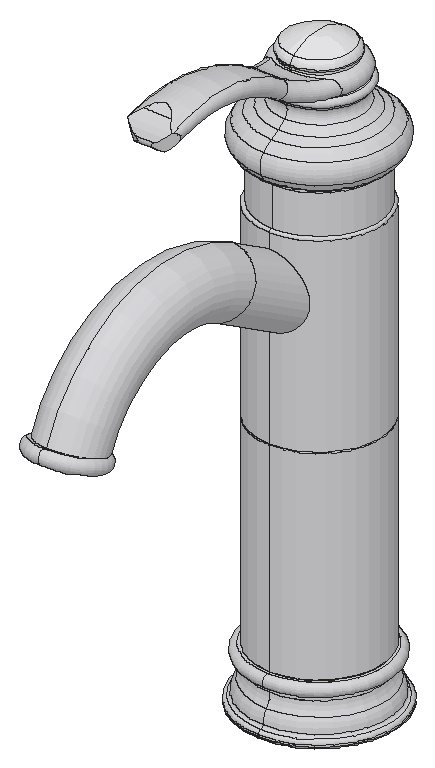
Revit family "Faucet-Lavatory-KOHLER-FAIRFAX-K-12183IN_1", category Plumbing Fixtures, host Face, Revit 2017
Family settings
  Host = Face
  Round Connector Dimension = Use Diameter
  Part Type = Normal
  OmniClass Number = 23.31.11.00
  OmniClass Title = Faucets
  Cut with Voids When Loaded = No
  Shared = No
  Room Calculation Point = No
Parameters (values of type "CP-Polished Chrome")
  Width = 2.51969"  # constant formula
  WaterSense Certified = 1 = 0  # no
  Waste Water Outlet = "Waste Water Outlet"  # constant formula
  Waste Connection = 1 = 0  # no
  Vent Connection = 1 = 0  # no
  URL = "https://www.kohler.co.in/"
  Type = 1
  Spout Reach = 5"  # constant formula
  Product Page URL = "https://www.kohler.co.in/product-detail/12183in-nd?skuid=K-12183IN-ND-CP"
  Product Name = "FAIRFAX"  # constant formula
  Product Documentation Link = "http://resources.kohler.com/plumbing/kohlerindia/pdf/k_12183in_nd_cp.pdf"
  Pressure = 60.00 psi  # constant formula
  Model = "K-12183IN-ND-CP"  # constant formula
  Material = "Premium Metal Construction"  # constant formula
  Master Format 2014 Name = "Residential Faucets, Supplies, and Trim"  # constant formula
  Master Format 2014 = "22 41 39"  # constant formula
  Manufacturer Address = "Ambience Office Tower NH-8 Gurgaon / Gurugram Haryana , 122001"  # constant formula
  Manufacturer = "KOHLER Co."  # constant formula
  Length = Spout Reach  # 5"
  Hot Water Inlet = "Hot Water Inlet"  # constant formula
  Height = 9.92126"  # constant formula
  Handle Clearance = 3.46457"  # constant formula
  HW Connection = 1 = 1  # yes
  Flow Rate = 2.2 GPM  # constant formula
  Finish = Kohler-Metal-CP-Polished_Chrome
  Environmental Product Declaration = ""
  Drain Included = 1 = 0  # no
  Description = "Tall Single-Control Lavatory Faucet With Lever Handle and Without Drain"  # constant formula
  Default Elevation = 36"
  Declare Label = ""
  Date Modified = "02/25/2021"  # constant formula
  Date Created = "02/25/2021"  # constant formula
  Copyright = "Copyright KOHLER Co."  # constant formula
  Contact Us = "https://www.kohler.co.in/contact-us"
  Cold Water Inlet = "Cold Water Inlet"  # constant formula
  CW Connection = 1 = 1  # yes
  Assembly Code = "D2010"
  ADA Compliant = 1 = 0  # no
Reference planes (in)
  plane 1 "Center (Front/Back)": y = 0
  plane 2: z = 0
  plane 3 "Center (Left/Right)": x = 0
  plane 4: z = 9.92126
  plane 5: y = -5
  plane 6: z = 5.51181
  plane 7: z = 7.75591
  plane 8: z = 9.05214
  plane 9: y = -3.46457
  plane 10: y = 0
  plane 11: x = -1.25984
  plane 12: x = 1.25984
  plane 13: y = 1.23011
  plane 14: y = -1.23011
  plane 15: x = -0.32715
  plane 16: x = 0.32715
Dimensions and locks (in)
  locked: level to plane 6 at 5.51181
  "Height": level to plane 4
  locked: plane 7 to level at 7.75591
  "Spout Reach": plane 1 "Center (Front/Back)" to plane 5
  "Handle Clearance": plane 1 "Center (Front/Back)" to plane 9
  "Width": plane 11 to plane 12
  aligned and locked: plane 2 to host face
  aligned and locked: level to host face
Automatic sketch dimensions
  host sketch curve to host sketch curve = 96"  (x2)
Nested families (in)
  nested 1: "K-12183IN" at (0, 0, 0), type "K-12183IN"
Connectors (in)
  piping at (-0.32715, 0, 0), diameter 0.5, driven by "Flow Rate", driven by "HW Connection", driven by "Hot Water Inlet", driven by "Pressure"
    settings: on nested 1, index 1, connector inside diameter 24", connector length 0", flow factor 0, pipe flow 2.2 GPM, pressure drop 60.00 psi, fitting loss kfactor 0, connector angle 0.00°, fixture units 0, engagement length 0", angle of deflection 0.00°, flow configuration 1, flow direction 1, fitting loss method 4, system type 19, joint type 0, gender type 0, connector reference index -1, connector utility 1, adjustable connector no, is connector primary yes, connector description "Hot Water Inlet"
  piping at (0.32715, 0, 0), diameter 0.5, driven by "Flow Rate", driven by "Pressure", driven by "CW Connection", driven by "Cold Water Inlet"
    settings: on nested 1, index 2, connector inside diameter 24", connector length 0", flow factor 0, pipe flow 2.2 GPM, pressure drop 60.00 psi, fitting loss kfactor 0, connector angle 0.00°, fixture units 0, engagement length 0", angle of deflection 0.00°, flow configuration 1, flow direction 1, fitting loss method 4, system type 20, joint type 0, gender type 0, connector reference index -1, connector utility 1, adjustable connector no, is connector primary no, connector description "Cold Water Inlet"
Definition of nested family "K-12183IN"
  Parameters (values of type "K-12183IN")
    Material = none
  Reference planes (in)
    plane 1 "Center (Front/Back)": y = 0
    plane 2: z = 0
    plane 3 "Center (Left/Right)": x = 0
    plane 4: z = 9.92126
    plane 5: y = -5
    plane 6: z = 5.51181
    plane 7: x = -1.25984
    plane 8: z = 9.06278
    plane 9: z = 7.75591
    plane 10: x = 1.25984
    plane 11: x = -0.32715
    plane 12: x = 0.32715
  Forms (in)
    Revolve 1, solid, material <- "Material", detail levels medium+fine
      sketch origin (0, 0, 0) x (0, 1, 0) y (0, 0, 1)
        loop
          line (0, 0) -> (1.20122, 0)
          arc (1.20122, 0) -> (1.21996, 0.00674) -> (1.23011, 0.02388) r 0.02943
          line (1.23011, 0.02388) -> (1.23011, 0.05467)
          arc (1.23011, 0.05467) -> (1.21356, 0.0949) -> (1.17348, 0.11183) r 0.05717
          arc (1.17348, 0.11183) -> (1.14297, 0.12463) -> (1.13013, 0.15512) r 0.04376
          arc (1.13013, 0.15512) -> (1.11238, 0.26767) -> (1.06304, 0.37037) r 0.39235
          arc (1.06304, 0.37037) -> (1.01614, 0.46867) -> (1.00004, 0.57639) r 0.36834
          line (1.00004, 0.57639) -> (1.00004, 0.67) -> (1.0459, 0.67)
          arc (1.0459, 0.67) -> (1.1459, 0.77) -> (1.0459, 0.87) r 0.1
          line (1.0459, 0.87) -> (0, 0.87) -> (0, 0)
        axis (0, 0.87) -> (0, 0)
      angle from 0 to 360
    Revolve 2, solid, material <- "Material", detail levels medium+fine
      sketch origin (0, 0, 0) x (0, 1, 0) y (0, 0, 1)
        loop
          line (1.00002, 0.87999) -> (1.00002, 4.18018)
          arc (1.00002, 4.18018) -> (0.99421, 4.19419) -> (0.98019, 4.2) r 0.01982
          line (0.98019, 4.2) -> (0, 4.2) -> (0, 0.85438) -> (0.9744, 0.85438) -> (1.00002, 0.87999)
        axis (0, 0.85438) -> (0, 4.2)
      angle from 0 to 360
    Revolve 3, solid, material <- "Material", detail levels medium+fine
      sketch origin (0, 0, 0) x (0, 1, 0) y (0, 0, 1)
        loop
          line (1, 4.2) -> (1, 7.27521)
          arc (1, 7.27521) -> (0.98407, 7.3074) -> (0.94882, 7.31426) r 0.04049
          line (0.94882, 7.31426) -> (0.94882, 7.94736)
          arc (0.94882, 7.94736) -> (0.94711, 8.00086) -> (0.942, 8.05414) r 0.83903
          line (0.942, 8.05414) -> (1.06925, 8.05414)
          arc (1.06925, 8.05414) -> (1.08417, 8.05774) -> (1.09583, 8.06773) r 0.03281
          arc (1.09583, 8.06773) -> (1.13173, 8.12159) -> (1.1634, 8.17803) r 0.8466
          arc (1.1634, 8.17803) -> (1.19209, 8.3403) -> (1.12467, 8.49066) r 0.28043
          arc (1.12467, 8.49066) -> (1.05074, 8.56151) -> (0.96566, 8.61848) r 0.58918
          arc (0.96566, 8.61848) -> (0.89547, 8.65769) -> (0.82577, 8.69778) r 6.37844
          arc (0.82577, 8.69778) -> (0.75693, 8.74326) -> (0.69353, 8.79606) r 0.74485
          arc (0.69353, 8.79606) -> (0.645, 8.90276) -> (0.6864, 9.01242) r 0.15269
          arc (0.6864, 9.01242) -> (0.7099, 9.03753) -> (0.73326, 9.06278) r 6.15257
          arc (0.73326, 9.06278) -> (0.74456, 9.13062) -> (0.68698, 9.16824) r 0.06288
          line (0.68698, 9.16824) -> (0.64998, 9.16824)
          arc (0.64998, 9.16824) -> (0.70133, 9.34336) -> (0.55512, 9.45257) r 0.15991
          line (0.55512, 9.45257) -> (0.55512, 9.50404) -> (0, 9.50404) -> (0, 4.2) -> (1, 4.2)
        axis (0, 9.50404) -> (0, 4.2)
      angle from 0 to 360
    Revolve 4, solid, detail levels medium+fine
      sketch origin (0, 0, 0) x (0, 1, 0) y (0, 0, 1)
        loop
          arc (0.55438, 9.49713) -> (0.56968, 9.50379) -> (0.57523, 9.51952) r 0.0209
          arc (0.57523, 9.51952) -> (0.55697, 9.58632) -> (0.51467, 9.64115) r 0.1786
          arc (0.51467, 9.64115) -> (0.26958, 9.75986) -> (0, 9.7985) r 0.88583
          line (0, 9.7985) -> (0, 9.49713) -> (0.55438, 9.49713)
        axis (0, 9.7985) -> (0, 9.49713)
      angle from 0 to 360
    Sweep 5, solid, material <- "Material", detail levels medium+fine
      path origin (0, 0, 0) x (0, 1, 0) y (0, 0, 1)
        loop
          arc (-5.53743, 6.11095) -> (-3.93832, 7.63189) -> (-1.73927, 7.44598) r 2.69199
          line (-1.73927, 7.44598) -> (-0.23786, 6.61267)
      profile origin (0, -0.98857, 7.02932) x (0, 0.485282, 0.874357) y (1, 0, 0)
        loop
          circle (-0.51981, 0) r 0.52004
    Revolve 6, solid, material <- "Material", detail levels medium+fine
      sketch origin (0, 0, 0) x (0, 1, 0) y (0, 0, 1)
        loop
          arc (-4.70475, 5.5744) -> (-4.55768, 5.62078) -> (-4.56423, 5.77485) r 0.12676
          line (-4.56423, 5.77485) -> (-5.08329, 5.96339) -> (-5.16399, 5.74121) -> (-4.70475, 5.5744)
        axis (-5.08329, 5.96339) -> (-5.16399, 5.74121)
      angle from 0 to 360
    SweptBlend 7, solid, material <- "Material", detail levels medium+fine
      path origin (0, -0.0714, 3.42587) x (0, 1, 0) y (0, 0, 1)
        loop
          arc (-0.25378, 5.8753) -> (-0.66007, 5.93428) -> (-1.03699, 6.09699) r 1.56344
      profile origin (0, -0.32519, 9.30118) x (0, -0.012488, -0.999922) y (1, 0, 0)
        loop
          line (-0.1246, 0.48714) -> (-0.1246, -0.45728)
          arc (-0.1246, -0.45728) -> (0.0154, -0.59728) -> (0.1554, -0.45728) r 0.14
          line (0.1554, -0.45728) -> (0.1554, 0.50342)
          arc (0.1554, 0.50342) -> (0.00772, 0.62738) -> (-0.1246, 0.48714) r 0.14048
      end profile origin (0, -1.10839, 9.52286) x (0, -0.513438, -0.858127) y (1, 0, 0)
        loop
          spline (-0.10927, -0.2439) -> (-0.10492, -0.27759) -> (-0.09226, -0.30911) -> (-0.07206, -0.33639) -> (-0.04562, -0.35768) -> (-0.01467, -0.37158) -> (0.01879, -0.37719) -> (0.05257, -0.37416) -> (0.0845, -0.36267) -> (0.11248, -0.34347) -> (0.13471, -0.31781) -> (0.14974, -0.28736) -> (0.15659, -0.25409)
          line (0.15659, -0.25409) -> (0.15659, 0.24462)
          spline (0.15659, 0.24462) -> (0.14966, 0.27783) -> (0.13459, 0.30822) -> (0.11234, 0.33381) -> (0.08436, 0.35295) -> (0.05246, 0.36439) -> (0.0187, 0.3674) -> (-0.01471, 0.36177) -> (-0.04563, 0.34788) -> (-0.07204, 0.32663) -> (-0.09224, 0.29938) -> (-0.10491, 0.26791) -> (-0.10927, 0.23426)
          line (-0.10927, 0.23426) -> (-0.10927, -0.2439)
    SweptBlend 8, solid, material <- "Material", detail levels medium+fine
      path origin (0, -0.0714, 3.42587) x (0, 1, 0) y (0, 0, 1)
        loop
          arc (-1.04105, 6.06595) -> (-2.25296, 6.49565) -> (-3.52287, 6.29384) r 2.6072
      profile origin (0, -1.11245, 9.49182) x (0, -0.556277, -0.830997) y (1, 0, 0)
        loop
          spline (-0.13818, -0.2439) -> (-0.13386, -0.27757) -> (-0.12121, -0.30907) -> (-0.10103, -0.33635) -> (-0.07463, -0.35765) -> (-0.04372, -0.37159) -> (-0.0103, -0.37728) -> (0.02348, -0.37434) -> (0.05542, -0.36297) -> (0.08347, -0.3439) -> (0.1058, -0.31836) -> (0.12098, -0.288) -> (0.12802, -0.25479)
          line (0.12802, -0.25479) -> (0.12802, 0.24511)
          arc (0.12802, 0.24511) -> (-0.01028, 0.36747) -> (-0.13818, 0.23426) r 0.13332
          line (-0.13818, 0.23426) -> (-0.13818, -0.2439)
      end profile origin (0, -3.59427, 9.71972) x (0, 0.395634, -0.918408) y (1, 0, 0)
        loop
          arc (-0.10529, -0.37915) -> (-0.01923, -0.42355) -> (0.06879, -0.38321) r 0.11061
          arc (0.06879, -0.38321) -> (0.20722, -0.00429) -> (0.07054, 0.37525) r 0.59155
          arc (0.07054, 0.37525) -> (-0.01919, 0.41661) -> (-0.10689, 0.37112) r 0.11236
          arc (-0.10689, 0.37112) -> (-0.23025, -0.00428) -> (-0.10529, -0.37915) r 0.6288
    Extrusion 9, void, detail levels medium+fine
      sketch origin (0, -1.5714, 10.22877) x (0, 0.970296, 0.241922) y (-1, 0, 0)
        loop
          arc (-1.57293, 0.47581) -> (-1.43632, 0.54307) -> (-1.40636, 0.69236) r 0.17233
          line (-1.40636, 0.69236) -> (-2.59371, 0.69236) -> (-2.59371, -0.65417) -> (-1.38473, -0.65417)
          arc (-1.38473, -0.65417) -> (-1.43985, -0.52109) -> (-1.57293, -0.46597) r 0.18819
          arc (-1.57293, -0.46597) -> (-2.04382, 0.00492) -> (-1.57293, 0.47581) r 0.47089
      from -0.3101 to 0.40286
    Extrusion 10, void, detail levels medium+fine
      sketch origin (0, -0.0714, 3.42587) x (0, 1, 0) y (0, 0, 1)
        loop
          arc (-3.40432, 6.20122) -> (-3.45475, 6.24679) -> (-3.45819, 6.31467) r 0.08881
          arc (-3.45819, 6.31467) -> (-3.36062, 6.47698) -> (-3.20772, 6.58872) r 0.47848
          arc (-3.20772, 6.58872) -> (-2.98995, 6.68424) -> (-2.76881, 6.77165) r 6.42913
          line (-2.76881, 6.77165) -> (-3.62418, 6.77165) -> (-3.62418, 5.9591) -> (-2.90819, 5.9591) -> (-2.90819, 6.24)
          arc (-2.90819, 6.24) -> (-3.1376, 6.21665) -> (-3.36731, 6.19637) r 17.28415
          arc (-3.36731, 6.19637) -> (-3.38607, 6.19683) -> (-3.40432, 6.20122) r 0.08881
      from -0.57676 to 0.63892
    Revolve 11, solid, material <- "Material", detail levels coarse
      sketch origin (0, 0, 0) x (0, 1, 0) y (0, 0, 1)
        loop
          line (0, 0) -> (1.23011, 0) -> (1.23011, 0.11183) -> (1.17348, 0.11183) -> (1.00004, 0.57639) -> (1.00004, 0.67) -> (1.1459, 0.67) -> (1.1459, 0.87) -> (1.00004, 0.87) -> (1.00004, 8.05414) -> (1.19505, 8.05414) -> (1.19505, 8.35947) -> (0.75086, 8.75737) -> (0.75086, 9.45257) -> (0.57359, 9.45257) -> (0.57359, 9.79938) -> (0, 9.79938) -> (0, 0)
        axis (0, 9.79938) -> (0, 0)
      angle from 0 to 360
    Sweep 12, solid, material <- "Material", detail levels coarse
      path origin (0, 0, 0) x (0, 1, 0) y (0, 0, 1)
        loop
          arc (-5.63023, 5.84504) -> (-4.06995, 7.58171) -> (-1.73927, 7.44598) r 2.69199
          line (-1.73927, 7.44598) -> (-0.23786, 6.61267)
      profile origin (0, -0.98857, 7.02932) x (0, 0.485282, 0.874357) y (1, 0, 0)
        loop
          circle (-0.59055, 0) r 0.59055
    Extrusion 13, solid, material <- "Material", detail levels coarse
      sketch origin (0, 0, 0) x (0, 1, 0) y (0, 0, 1)
        loop
          line (0.57359, 9.16824) -> (0.57359, 10.15783) -> (-3.56027, 10.15783) -> (-3.56027, 9.16824) -> (0.57359, 9.16824)
      from -0.49037 to 0.4908
    Extrusion 14, solid, material <- "Material"
      sketch origin (0, 0, 0) x (1, 0, 0) y (0, 1, 0)
        loop
          circle (-0.32715, 0) r 0.16467
      from 0 to 0.11183
    Extrusion 15, solid, material <- "Material"
      sketch origin (0, 0, 0) x (-1, 0, 0) y (0, -1, 0)
        loop
          circle (-0.32715, 0) r 0.16467
      from 0 to 0.11183
  Cuts and joins
    Extrusion 9, Extrusion 10 cuts SweptBlend 8
  Lines and regions (in)
    Masking region 1
      outline origin (0, 0, 0) x (0, 1, 0) y (0, 0, 1)
        loop
          line (0, 0) -> (1.20122, 0)
          arc (1.20122, 0) -> (1.21996, 0.00674) -> (1.23011, 0.02388) r 0.02943
          line (1.23011, 0.02388) -> (1.23011, 0.05467)
          arc (1.23011, 0.05467) -> (1.21356, 0.0949) -> (1.17348, 0.11183) r 0.05717
          arc (1.17348, 0.11183) -> (1.14297, 0.12463) -> (1.13013, 0.15512) r 0.04376
          arc (1.13013, 0.15512) -> (1.11238, 0.26767) -> (1.06304, 0.37037) r 0.39235
          arc (1.06304, 0.37037) -> (1.01614, 0.46867) -> (1.00004, 0.57639) r 0.36834
          line (1.00004, 0.57639) -> (1.00004, 0.67) -> (1.0459, 0.67)
          arc (1.0459, 0.67) -> (1.1459, 0.77) -> (1.0459, 0.87) r 0.1
          line (1.0459, 0.87) -> (0.96925, 0.87) -> (1.00002, 0.87999) -> (1.00002, 6.23315) -> (1.00002, 7.27529)
          arc (1.00002, 7.27529) -> (0.98407, 7.30746) -> (0.94882, 7.31426) r 0.04043
          line (0.94882, 7.31426) -> (0.94882, 7.94657)
          arc (0.94882, 7.94657) -> (0.94713, 8.00046) -> (0.94205, 8.05414) r 0.85825
          line (0.94205, 8.05414) -> (1.06925, 8.05414)
          arc (1.06925, 8.05414) -> (1.08417, 8.05774) -> (1.09583, 8.06773) r 0.03281
          arc (1.09583, 8.06773) -> (1.13173, 8.12159) -> (1.1634, 8.17803) r 0.8466
          arc (1.1634, 8.17803) -> (1.19209, 8.3403) -> (1.12467, 8.49066) r 0.28043
          arc (1.12467, 8.49066) -> (1.05074, 8.56151) -> (0.96566, 8.61848) r 0.58918
          arc (0.96566, 8.61848) -> (0.89547, 8.65769) -> (0.82577, 8.69778) r 6.37844
          arc (0.82577, 8.69778) -> (0.75693, 8.74326) -> (0.69353, 8.79606) r 0.74485
          arc (0.69353, 8.79606) -> (0.645, 8.90276) -> (0.6864, 9.01242) r 0.15269
          arc (0.6864, 9.01242) -> (0.7099, 9.03753) -> (0.73326, 9.06278) r 6.15257
          arc (0.73326, 9.06278) -> (0.74456, 9.13062) -> (0.68698, 9.16824) r 0.06288
          line (0.68698, 9.16824) -> (0.64998, 9.16824)
          arc (0.64998, 9.16824) -> (0.70133, 9.34336) -> (0.55512, 9.45257) r 0.15991
          line (0.55512, 9.45257) -> (0.55512, 9.49677)
          arc (0.55512, 9.49677) -> (0.56995, 9.5045) -> (0.57442, 9.52062) r 0.021
          arc (0.57442, 9.52062) -> (0.56959, 9.54511) -> (0.5628, 9.56913) r 0.31135
          arc (0.5628, 9.56913) -> (0.51566, 9.64352) -> (0.44127, 9.69066) r 0.20126
          arc (0.44127, 9.69066) -> (0, 9.7978) -> (-0.44127, 9.69066) r 0.9623
          arc (-0.44127, 9.69066) -> (-0.51566, 9.64352) -> (-0.5628, 9.56913) r 0.20126
          arc (-0.5628, 9.56913) -> (-0.56969, 9.54466) -> (-0.57457, 9.51971) r 0.31135
          arc (-0.57457, 9.51971) -> (-0.56949, 9.5043) -> (-0.55512, 9.49677) r 0.02162
          line (-0.55512, 9.49677) -> (-0.55512, 9.45257)
          arc (-0.55512, 9.45257) -> (-0.76125, 9.53172) -> (-0.958, 9.63194) r 2.11421
          arc (-0.958, 9.63194) -> (-1.68742, 9.85264) -> (-2.4464, 9.92126) r 3.74859
          arc (-2.4464, 9.92126) -> (-2.71749, 9.8902) -> (-2.97659, 9.80463) r 1.33426
          arc (-2.97659, 9.80463) -> (-3.09584, 9.75164) -> (-3.21381, 9.69584) r 5.50725
          arc (-3.21381, 9.69584) -> (-3.35388, 9.59265) -> (-3.45023, 9.44796) r 0.49487
          arc (-3.45023, 9.44796) -> (-3.45653, 9.37798) -> (-3.41965, 9.31817) r 0.11129
          arc (-3.41965, 9.31817) -> (-3.3482, 9.31001) -> (-3.27676, 9.31817) r 0.31662
          arc (-3.27676, 9.31817) -> (-2.88994, 9.3929) -> (-2.49868, 9.43899) r 5.35647
          arc (-2.49868, 9.43899) -> (-1.98163, 9.45563) -> (-1.46538, 9.42231) r 5.35647
          arc (-1.46538, 9.42231) -> (-1.12487, 9.34064) -> (-0.80029, 9.20927) r 2.34927
          arc (-0.80029, 9.20927) -> (-0.74478, 9.18558) -> (-0.68698, 9.16824) r 0.54029
          arc (-0.68698, 9.16824) -> (-0.74456, 9.13062) -> (-0.73326, 9.06278) r 0.06288
          arc (-0.73326, 9.06278) -> (-0.7099, 9.03753) -> (-0.6864, 9.01242) r 6.15257
          arc (-0.6864, 9.01242) -> (-0.645, 8.90276) -> (-0.69353, 8.79606) r 0.15269
          arc (-0.69353, 8.79606) -> (-0.75693, 8.74326) -> (-0.82577, 8.69778) r 0.74485
          arc (-0.82577, 8.69778) -> (-0.89547, 8.65769) -> (-0.96566, 8.61848) r 6.37844
          arc (-0.96566, 8.61848) -> (-1.05074, 8.56151) -> (-1.12467, 8.49066) r 0.58918
          arc (-1.12467, 8.49066) -> (-1.19209, 8.3403) -> (-1.1634, 8.17803) r 0.28043
          arc (-1.1634, 8.17803) -> (-1.13173, 8.12159) -> (-1.09583, 8.06773) r 0.8466
          arc (-1.09583, 8.06773) -> (-1.08417, 8.05774) -> (-1.06925, 8.05414) r 0.03281
          line (-1.06925, 8.05414) -> (-0.94205, 8.05414)
          arc (-0.94205, 8.05414) -> (-0.94713, 8.00046) -> (-0.94882, 7.94657) r 0.85825
          line (-0.94882, 7.94657) -> (-0.94882, 7.31426)
          arc (-0.94882, 7.31426) -> (-0.98469, 7.31003) -> (-1.00561, 7.28058) r 0.0445
          arc (-1.00561, 7.28058) -> (-1.10806, 7.17422) -> (-1.25548, 7.18275) r 0.17676
          line (-1.25548, 7.18275) -> (-1.61793, 7.37546)
          arc (-1.61793, 7.37546) -> (-2.03231, 7.57942) -> (-2.47501, 7.71108) r 2.7476
          arc (-2.47501, 7.71108) -> (-2.81945, 7.74934) -> (-3.16599, 7.75343) r 3.50951
          arc (-3.16599, 7.75343) -> (-4.49629, 7.24137) -> (-5.391, 6.13169) r 2.7476
          arc (-5.391, 6.13169) -> (-5.40679, 6.09257) -> (-5.42001, 6.0525) r 0.6491
          line (-5.42001, 6.0525) -> (-5.45009, 6.06342)
          arc (-5.45009, 6.06342) -> (-5.56968, 6.00752) -> (-5.51378, 5.88792) r 0.09335
          line (-5.51378, 5.88792) -> (-4.49383, 5.51773)
          arc (-4.49383, 5.51773) -> (-4.37423, 5.57363) -> (-4.43013, 5.69323) r 0.09335
          line (-4.43013, 5.69323) -> (-4.47763, 5.71046)
          arc (-4.47763, 5.71046) -> (-4.3096, 6.09598) -> (-4.0158, 6.39688) r 1.16676
          arc (-4.0158, 6.39688) -> (-2.87875, 6.72589) -> (-1.78272, 6.27882) r 1.8029
          arc (-1.78272, 6.27882) -> (-1.15106, 5.32989) -> (-1.00002, 4.2) r 2.53036
          line (-1.00002, 4.2) -> (-1.00002, 0.88) -> (-0.96925, 0.87) -> (-1.0459, 0.87)
          arc (-1.0459, 0.87) -> (-1.1459, 0.77) -> (-1.0459, 0.67) r 0.1
          line (-1.0459, 0.67) -> (-1.00004, 0.67) -> (-1.00004, 0.57639)
          arc (-1.00004, 0.57639) -> (-1.01614, 0.46867) -> (-1.06304, 0.37037) r 0.36834
          arc (-1.06304, 0.37037) -> (-1.11238, 0.26767) -> (-1.13013, 0.15512) r 0.39235
          arc (-1.13013, 0.15512) -> (-1.14297, 0.12463) -> (-1.17348, 0.11183) r 0.04376
          arc (-1.17348, 0.11183) -> (-1.21356, 0.0949) -> (-1.23011, 0.05467) r 0.05717
          line (-1.23011, 0.05467) -> (-1.23011, 0.02388)
          arc (-1.23011, 0.02388) -> (-1.21996, 0.00674) -> (-1.20122, 0) r 0.02943
          line (-1.20122, 0) -> (0, 0)
    Masking region 2
      outline origin (0, 0, 0) x (1, 0, 0) y (0, 0, 1)
        loop
          line (0.00107, 0) -> (1.20229, 0)
          arc (1.20229, 0) -> (1.22103, 0.00674) -> (1.23118, 0.02388) r 0.02943
          line (1.23118, 0.02388) -> (1.23118, 0.05467)
          arc (1.23118, 0.05467) -> (1.21463, 0.0949) -> (1.17455, 0.11183) r 0.05717
          arc (1.17455, 0.11183) -> (1.14404, 0.12463) -> (1.1312, 0.15512) r 0.04376
          arc (1.1312, 0.15512) -> (1.11345, 0.26767) -> (1.06411, 0.37037) r 0.39235
          arc (1.06411, 0.37037) -> (1.01721, 0.46867) -> (1.00111, 0.57639) r 0.36834
          line (1.00111, 0.57639) -> (1.00111, 0.67) -> (1.04697, 0.67)
          arc (1.04697, 0.67) -> (1.14697, 0.77) -> (1.04697, 0.87) r 0.1
          line (1.04697, 0.87) -> (0.97032, 0.87) -> (1.00109, 0.88) -> (1.00109, 4.20686)
          arc (1.00109, 4.20686) -> (1.03632, 4.36136) -> (1.04816, 4.51939) r 1.06102
          line (1.04816, 4.51939) -> (1.04816, 7.24914)
          arc (1.04816, 7.24914) -> (1.00967, 7.2978) -> (0.94989, 7.31438) r 0.09999
          line (0.94989, 7.31438) -> (0.94989, 7.94657)
          arc (0.94989, 7.94657) -> (0.94819, 8.00046) -> (0.94312, 8.05414) r 0.85825
          line (0.94312, 8.05414) -> (1.07031, 8.05414)
          arc (1.07031, 8.05414) -> (1.08524, 8.05774) -> (1.0969, 8.06773) r 0.03281
          arc (1.0969, 8.06773) -> (1.1328, 8.12159) -> (1.16447, 8.17803) r 0.8466
          arc (1.16447, 8.17803) -> (1.19315, 8.3403) -> (1.12574, 8.49066) r 0.28043
          arc (1.12574, 8.49066) -> (1.05181, 8.56151) -> (0.96673, 8.61848) r 0.58918
          arc (0.96673, 8.61848) -> (0.89654, 8.65769) -> (0.82684, 8.69778) r 6.37844
          arc (0.82684, 8.69778) -> (0.758, 8.74326) -> (0.6946, 8.79606) r 0.74485
          arc (0.6946, 8.79606) -> (0.64607, 8.90276) -> (0.68747, 9.01242) r 0.15269
          arc (0.68747, 9.01242) -> (0.71097, 9.03753) -> (0.73433, 9.06278) r 6.15257
          arc (0.73433, 9.06278) -> (0.74563, 9.13062) -> (0.68805, 9.16824) r 0.06288
          line (0.68805, 9.16824) -> (0.64891, 9.16824)
          arc (0.64891, 9.16824) -> (0.7006, 9.34234) -> (0.55619, 9.45248) r 0.15991
          line (0.55619, 9.45248) -> (0.55619, 9.49677)
          arc (0.55619, 9.49677) -> (0.57056, 9.5043) -> (0.57563, 9.51971) r 0.02162
          arc (0.57563, 9.51971) -> (0.57076, 9.54466) -> (0.56387, 9.56913) r 0.31135
          arc (0.56387, 9.56913) -> (0.51399, 9.64621) -> (0.43505, 9.69312) r 0.20126
          arc (0.43505, 9.69312) -> (-0.00672, 9.84233) -> (-0.44679, 9.68817) r 0.7167
          arc (-0.44679, 9.68817) -> (-0.51706, 9.64101) -> (-0.56173, 9.56913) r 0.20126
          arc (-0.56173, 9.56913) -> (-0.56852, 9.54511) -> (-0.57335, 9.52062) r 0.31135
          arc (-0.57335, 9.52062) -> (-0.56888, 9.5045) -> (-0.55405, 9.49677) r 0.021
          line (-0.55405, 9.49677) -> (-0.55405, 9.45257)
          arc (-0.55405, 9.45257) -> (-0.70026, 9.34336) -> (-0.64891, 9.16824) r 0.15991
          line (-0.64891, 9.16824) -> (-0.68591, 9.16824)
          arc (-0.68591, 9.16824) -> (-0.74349, 9.13062) -> (-0.73219, 9.06278) r 0.06288
          arc (-0.73219, 9.06278) -> (-0.70883, 9.03753) -> (-0.68533, 9.01242) r 6.15257
          arc (-0.68533, 9.01242) -> (-0.64393, 8.90276) -> (-0.69246, 8.79606) r 0.15269
          arc (-0.69246, 8.79606) -> (-0.75586, 8.74326) -> (-0.8247, 8.69778) r 0.74485
          arc (-0.8247, 8.69778) -> (-0.8944, 8.65769) -> (-0.9646, 8.61848) r 6.37844
          arc (-0.9646, 8.61848) -> (-1.04967, 8.56151) -> (-1.1236, 8.49066) r 0.58918
          arc (-1.1236, 8.49066) -> (-1.19102, 8.3403) -> (-1.16233, 8.17803) r 0.28043
          arc (-1.16233, 8.17803) -> (-1.13066, 8.12159) -> (-1.09476, 8.06773) r 0.8466
          arc (-1.09476, 8.06773) -> (-1.0831, 8.05774) -> (-1.06818, 8.05414) r 0.03281
          line (-1.06818, 8.05414) -> (-0.94098, 8.05414)
          arc (-0.94098, 8.05414) -> (-0.94606, 8.00046) -> (-0.94775, 7.94657) r 0.85825
          line (-0.94775, 7.94657) -> (-0.94775, 7.31426)
          arc (-0.94775, 7.31426) -> (-1.00877, 7.29838) -> (-1.04816, 7.24914) r 0.09999
          line (-1.04816, 7.24914) -> (-1.04816, 4.51939)
          arc (-1.04816, 4.51939) -> (-1.03578, 4.35781) -> (-0.99895, 4.2) r 1.06102
          line (-0.99895, 4.2) -> (-0.99895, 0.87999) -> (-0.96818, 0.87) -> (-1.04483, 0.87)
          arc (-1.04483, 0.87) -> (-1.14483, 0.77) -> (-1.04483, 0.67) r 0.1
          line (-1.04483, 0.67) -> (-0.99897, 0.67) -> (-0.99897, 0.57639)
          arc (-0.99897, 0.57639) -> (-1.01507, 0.46867) -> (-1.06197, 0.37037) r 0.36834
          arc (-1.06197, 0.37037) -> (-1.11131, 0.26767) -> (-1.12906, 0.15512) r 0.39235
          arc (-1.12906, 0.15512) -> (-1.1419, 0.12463) -> (-1.17241, 0.11183) r 0.04376
          arc (-1.17241, 0.11183) -> (-1.21249, 0.0949) -> (-1.22904, 0.05467) r 0.05717
          line (-1.22904, 0.05467) -> (-1.22904, 0.02388)
          arc (-1.22904, 0.02388) -> (-1.21889, 0.00674) -> (-1.20015, 0) r 0.02943
          line (-1.20015, 0) -> (0.00107, 0)
    Masking region 3
      outline origin (0, 0, 0) x (1, 0, 0) y (0, 1, 0)
        loop
          arc (0, 1.22501) -> (-1.20309, 0.38178) -> (-0.7099, -1.00213) r 1.21237
          line (-0.7099, -1.00213) -> (-0.558, -1.4319) -> (-0.52871, -1.74466) -> (-0.50444, -4.77828)
          arc (-0.50444, -4.77828) -> (-0.6097, -5.1863) -> (-0.41051, -5.55762) r 0.57901
          arc (-0.41051, -5.55762) -> (0.00095, -5.70921) -> (0.41241, -5.55762) r 0.63419
          arc (0.41241, -5.55762) -> (0.61119, -5.18599) -> (0.50444, -4.77828) r 0.57734
          line (0.50444, -4.77828) -> (0.52871, -1.74466) -> (0.558, -1.4319) -> (0.7099, -1.00213)
          arc (0.7099, -1.00213) -> (1.20309, 0.38178) -> (0, 1.22501) r 1.21237
    symbolic lines, detail levels medium+fine
      curve 1: line (0, 0.96925, 0.87) -> (0, -0.96925, 0.87)
      curve 2: line (0, 1.00004, 0.67) -> (0, -1.00004, 0.67)
      curve 3: line (0, 1, 4.2) -> (0, -1, 4.2)
      curve 4: line (0, 1.00002, 6.23315) -> (0, 1.00002, 5.70078)
      curve 5: line (0, 0.94882, 7.31426) -> (0, -0.94882, 7.31426)
      curve 6: line (0, 0.94205, 8.05414) -> (0, -0.942, 8.05414)
      curve 7: line (0, -0.68698, 9.16824) -> (0, 0.64998, 9.16824)
      curve 8: line (0, 0.55512, 9.49677) -> (0, -0.55512, 9.49677)
      curve 9: line (0, 0.55512, 9.45257) -> (0, -0.55512, 9.45257)
      curve 10: arc (0, -1, 4.2) -> (0, 0.00746, 5.72409) -> (0, -0.89208, 7.31426) r 1.74925
      curve 11: line (-0.99897, 0, 0.67) -> (1.00111, 0, 0.67)
      curve 12: line (-0.96818, 0, 0.87) -> (0.97032, 0, 0.87)
      curve 13: line (-0.94775, 0, 7.31426) -> (-0.58057, 0, 7.31426)
      curve 14: line (-0.94098, 0, 8.05414) -> (0.942, 0, 8.05414)
      curve 15: line (-0.64891, 0, 9.16824) -> (0.64891, 0, 9.16824)
      curve 16: line (-0.55405, 0, 9.45257) -> (-0.37556, 0, 9.45257)
      curve 17: arc (-0.37618, 0, 9.64459) -> (-0.00887, 0, 9.55118) -> (0.35832, 0, 9.64509) r 0.7668
      curve 18: arc (-0.37861, 0, 9.73584) -> (-0.40368, 0, 9.68951) -> (-0.37618, 0, 9.64459) r 0.05276
      curve 19: arc (0.35832, 0, 9.64509) -> (0.38786, 0, 9.69406) -> (0.35981, 0, 9.7439) r 0.05678
      curve 20: arc (-0.51096, 0, 9.45257) -> (-0.64779, 0, 9.33687) -> (-0.58718, 0, 9.16824) r 0.15708
      curve 21: arc (0.51186, 0, 9.45248) -> (0.64791, 0, 9.33643) -> (0.58718, 0, 9.16824) r 0.15708
      curve 22: arc (-0.65315, 0, 9.2962) -> (-0.42364, 0, 9.39126) -> (-0.32858, 0, 9.62077) r 0.32457
      curve 23: arc (0.65315, 0, 9.2962) -> (0.4205, 0, 9.39445) -> (0.3287, 0, 9.62974) r 0.32457
      curve 24: line (0.37561, 0, 9.45248) -> (0.55619, 0, 9.45248)
      curve 25: line (-0.55405, 0, 9.49677) -> (-0.3532, 0, 9.49677)
      curve 26: line (0.55619, 0, 9.49677) -> (0.3532, 0, 9.49677)
      curve 27: line (-1, 0, 4.2) -> (1, 0, 4.2)
      curve 28: arc (0, 1.19478, 0) -> (-1.18401, 0.16005, 0) -> (-0.31721, -1.1519, 0) r 1.19478
      curve 29: circle (0, 0, 0) r 0.51296 normal (0, 0, 1)
      curve 30: circle (0, 0, 0) r 0.57341 normal (0, 0, 1)
      curve 31: circle (0, 0, 0) r 0.70973 normal (0, 0, 1)
      curve 32: arc (-0.62817, -0.41424, 0) -> (-0.392, -0.79391, 0) -> (-0.31614, -1.23455, 0) r 1.16564
      curve 33: arc (-0.62817, -0.41424, 0) -> (-0.66253, 0.35672, 0) -> (0, 0.75246, 0) r 0.75246
      curve 34: arc (0.62817, -0.41424, 0) -> (0.66253, 0.35672, 0) -> (0, 0.75246, 0) r 0.75246
      curve 35: arc (-0.31614, -1.23455, 0) -> (-0.33841, -1.57221, 0) -> (-0.38985, -1.90668, 0) r 3.90324
      curve 36: arc (-0.38985, -1.90668, 0) -> (-0.45499, -2.3636, 0) -> (-0.47018, -2.8249, 0) r 4.24881
      curve 37: arc (-0.47018, -2.8249, 0) -> (-0.44562, -3.09925, 0) -> (-0.30424, -3.33563, 0) r 0.61769
      curve 38: arc (0, 1.19478, 0) -> (1.18401, 0.16005, 0) -> (0.31721, -1.1519, 0) r 1.19478
      curve 39: arc (0.31614, -1.23455, 0) -> (0.33841, -1.57221, 0) -> (0.38985, -1.90668, 0) r 3.90324
      curve 40: arc (0.38985, -1.90668, 0) -> (0.45499, -2.3636, 0) -> (0.47018, -2.8249, 0) r 4.24881
      curve 41: arc (0.47018, -2.8249, 0) -> (0.44562, -3.09925, 0) -> (0.30424, -3.33563, 0) r 0.61769
      curve 42: arc (-0.30424, -3.33563, 0) -> (0, -3.46551, 0) -> (0.30424, -3.33563, 0) r 0.42128
      curve 43: arc (0.62817, -0.41424, 0) -> (0.392, -0.79391, 0) -> (0.31614, -1.23455, 0) r 1.16564
      curve 44: arc (-0.50444, -4.85698, 0) -> (-0.56052, -5.08791, 0) -> (-0.50242, -5.31835, 0) r 0.49463
      curve 45: arc (0.50444, -4.85698, 0) -> (0.56052, -5.08791, 0) -> (0.50242, -5.31835, 0) r 0.49463
      curve 46: arc (-0.50242, -5.31835, 0) -> (0, -5.61994, 0) -> (0.50242, -5.31835, 0) r 0.56929
      curve 47: line (-0.50444, -4.77828, 0) -> (-0.50444, -5.06039, 0)
      curve 48: line (0.50444, -4.77828, 0) -> (0.50444, -5.06039, 0)
      curve 49: arc (-0.50444, -5.06039, 0) -> (0, -5.56483, 0) -> (0.50444, -5.06039, 0) r 0.50444
      curve 50: spline (0, 0, 5.84504) -> (-0.15285, 0, 5.83941) -> (-0.29528, 0, 5.82291) -> (-0.41758, 0, 5.79667) -> (-0.51143, 0, 5.76246) -> (-0.57043, 0, 5.72263) -> (-0.59055, 0, 5.67989) -> (-0.57043, 0, 5.63715) -> (-0.51143, 0, 5.59731) -> (-0.41758, 0, 5.56311) -> (-0.29528, 0, 5.53687) -> (-0.15285, 0, 5.52037) -> (0, 0, 5.51474)
      curve 51: spline (0, 0, 5.51474) -> (0.15285, 0, 5.52037) -> (0.29528, 0, 5.53687) -> (0.41758, 0, 5.56311) -> (0.51143, 0, 5.59731) -> (0.57043, 0, 5.63715) -> (0.59055, 0, 5.67989) -> (0.57043, 0, 5.72263) -> (0.51143, 0, 5.76246) -> (0.41758, 0, 5.79667) -> (0.29528, 0, 5.82291) -> (0.15285, 0, 5.83941) -> (0, 0, 5.84504)
      curve 52: line (-0.59055, 0, 5.67989) -> (-0.59055, 0, 5.76861)
      curve 53: line (-0.59058, 0, 5.95352) -> (-0.59058, 0, 7.4179)
      curve 54: arc (-0.59058, 0, 5.95352) -> (-0.61583, 0, 5.86106) -> (-0.59055, 0, 5.76861) r 0.1818
      curve 55: line (0.59055, 0, 5.67989) -> (0.59055, 0, 5.76861)
      curve 56: line (0.59058, 0, 5.95352) -> (0.59058, 0, 7.4179)
      curve 57: arc (0.59058, 0, 5.95352) -> (0.61583, 0, 5.86106) -> (0.59055, 0, 5.76861) r 0.1818
      curve 58: spline (0, 0, 6.15193) -> (-0.05008, 0, 6.15116) -> (-0.09975, 0, 6.14883) -> (-0.14859, 0, 6.14498) -> (-0.19621, 0, 6.13963) -> (-0.24221, 0, 6.13283) -> (-0.28622, 0, 6.12463) -> (-0.32787, 0, 6.11511) -> (-0.36682, 0, 6.10433) -> (-0.40274, 0, 6.09239) -> (-0.43535, 0, 6.07939) -> (-0.46436, 0, 6.06543) -> (-0.48956, 0, 6.05064)
      curve 59: spline (0, 0, 6.15193) -> (0.05008, 0, 6.15116) -> (0.09975, 0, 6.14883) -> (0.14859, 0, 6.14498) -> (0.19621, 0, 6.13963) -> (0.24221, 0, 6.13283) -> (0.28622, 0, 6.12463) -> (0.32787, 0, 6.11511) -> (0.36682, 0, 6.10433) -> (0.40274, 0, 6.09239) -> (0.43535, 0, 6.07939) -> (0.46436, 0, 6.06543) -> (0.48956, 0, 6.05064)
      curve 60: arc (-0.59058, 0, 5.95352) -> (-0.54721, 0, 6.00951) -> (-0.48956, 0, 6.05064) r 0.24341
      curve 61: arc (0.59058, 0, 5.95352) -> (0.54671, 0, 6.00898) -> (0.48956, 0, 6.05064) r 0.261
      curve 62: arc (-0.59055, 0, 5.76861) -> (0, 0, 5.89038) -> (0.59055, 0, 5.76861) r 1.49287
      curve 63: arc (-0.36149, 0, 5.61255) -> (0.01654, 0, 5.56491) -> (0.3933, 0, 5.62179) r 1.38897
      curve 64: arc (-0.36149, 0, 5.75672) -> (0.01654, 0, 5.80435) -> (0.3933, 0, 5.74748) r 1.38897
      curve 65: arc (-0.36149, 0, 5.75672) -> (-0.41673, 0, 5.68463) -> (-0.36149, 0, 5.61255) r 0.07465
      curve 66: arc (0.3933, 0, 5.74748) -> (0.44025, 0, 5.68463) -> (0.3933, 0, 5.62179) r 0.06553
      curve 67: line (0.58049, 0, 7.31479) -> (0.94989, 0, 7.31479)
      curve 68: line (-0.07444, 0, 9.55394) -> (-0.08881, 0, 9.26542)
      curve 69: arc (-0.08881, 0, 9.26542) -> (-0.10955, 0, 9.2064) -> (-0.15912, 0, 9.16824) r 0.11001
      curve 70: line (0.07435, 0, 9.55576) -> (0.08881, 0, 9.26542)
      curve 71: arc (0.08881, 0, 9.26542) -> (0.10955, 0, 9.2064) -> (0.15912, 0, 9.16824) r 0.11001
      curve 72: line (-1.17241, 0, 0.11183) -> (1.17455, 0, 0.11183)
      curve 73: line (0, 1.17348, 0.11183) -> (0, -1.17348, 0.11183)
      curve 74: arc (-0.59058, 0, 7.4179) -> (0, 0, 8.00848) -> (0.59058, 0, 7.4179) r 0.59058
      curve 75: arc (-0.58057, 0, 7.31426) -> (-0.62998, 0, 7.07635) -> (-0.70614, 0, 6.84561) r 2.13244
      curve 76: line (-0.70614, 0, 6.84561) -> (-1, 0, 4.7547)
      curve 77: arc (-1, 0, 4.7547) -> (-1.0322, 0, 4.63871) -> (-1.04816, 0, 4.51939) r 0.87412
      curve 78: arc (0.58049, 0, 7.31479) -> (0.62991, 0, 7.07661) -> (0.70614, 0, 6.84561) r 2.13244
      curve 79: line (0.70614, 0, 6.84561) -> (1, 0, 4.7547)
      curve 80: arc (1, 0, 4.7547) -> (1.0322, 0, 4.63871) -> (1.04816, 0, 4.51939) r 0.87412
      curve 81: arc (-1, 0, 4.7547) -> (0, 0, 4.7037) -> (1, 0, 4.7547) r 9.82849
      curve 82: line (0, -4.47763, 5.71046) -> (0, -5.41994, 6.05275)
  Dimensions and locks (in)
    locked: plane 4 to level at 9.92126
    locked: plane 6 to level at 5.51181
    locked: plane 1 "Center (Front/Back)" to plane 5 at 5
    locked: plane 9 to level at 7.75591
    aligned and locked: plane 2 to level
